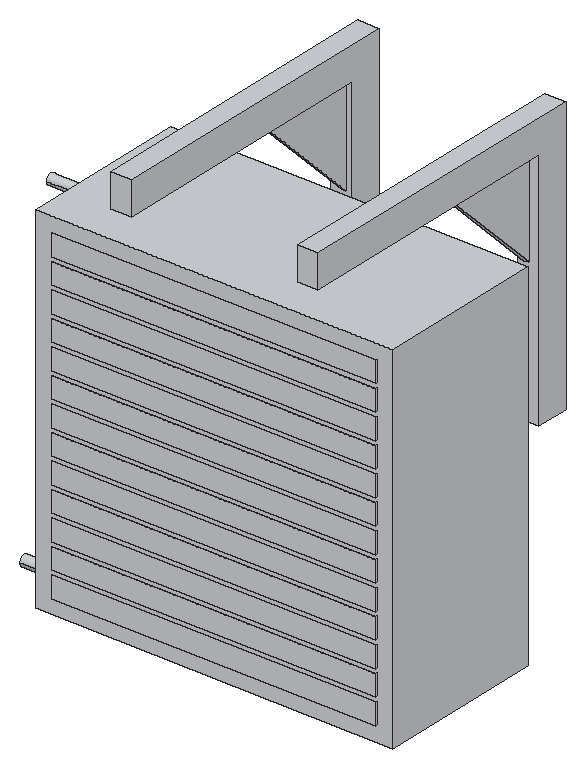
Revit family "Mark Tanner MDA verwarmer wandmontage", category Mechanical Equipment, Revit 2017
Family settings
  Round Connector Dimension = Use Diameter
  Part Type = Normal
  OmniClass Number = 23.75.00.00
  OmniClass Title = Climate Control (HVAC)
  Work Plane-Based = No
  Always vertical = Yes
  Cut with Voids When Loaded = No
  Shared = No
  Room Calculation Point = No
Parameters
  voltage = 0 V
  vermogen = 0 W
  schijnbaar_vermogen = voltage * nominale stroom  # 0 VA
  o2 [instance] = 333.225 mm
  o1 = 660 mm
  nominale stroom = 0 A
  lengte = l1  # 860 mm
  l3 = l1 + 100 mm  # 960 mm
  l2 = 450 mm
  l1 = h1  # 860 mm
  hoogte = h1  # 860 mm
  h1 = 860 mm
  gewicht = ""
  elektrisch_vermogen = 0 W
  debiet = 0.0 L/s
  con 1_RN = con 1_DN / 2  # 12.5 mm
  con 1_DN = 25 mm
  breedte = b1  # 405 mm
  b2 = b1 - 80 mm  # 325 mm
  b1 = 405 mm
  artikelnummer = ""
  aantal_polen = 1
  URL = "http://www.mark.nl/producten/"
  Type Comments = "MDA 121, 2 rijige wisselaar, 1 fase 230V fan, ,waterzijdige aansluiting 1"
  Model = "MDA 100"
  Manufacturer = "Mark"  # constant formula
Reference planes
  plane 1 "Center (Front/Back)": y = 0
  plane 2: z = 0
  plane 3 "Center (Left/Right)": x = 0
  plane 4: x = -430
  plane 5: x = 430
  plane 6: z = -145
  plane 7: y = -744
Dimensions and locks
  "l1": plane 4 to plane 5
  equal spacing: plane 4, plane 3 "Center (Left/Right)", plane 5
  aligned and locked: level to plane 2
  aligned and locked: plane 6 to nested 2
  aligned and locked: nested 2 to plane 7
  aligned and locked: plane 3 "Center (Left/Right)" to nested 1
Nested families
  nested 1: "Wand console" at (0, 0, 0), b1 <- "b2", l1 <- "l2", type "Wand console"
    with l1 450 mm, b1 325 mm
  nested 2: "Verwarmer" at (0, -541.5, -145), b1 <- "b1", h1 <- "h1", l1 <- "l1", r1 <- "con 1_RN", type "MDA 100"
    with r1 12.5 mm, l1 860 mm, h1 860 mm, b1 405 mm, b 780 mm, aantal 13, a 790 mm
Connectors
  electrical at (0, -541.5, -145), driven by "aantal_polen", driven by "voltage", driven by "schijnbaar_vermogen"
    settings: on nested 2, index 1, voltage 0 V, apparent load 0 VA, apparent load phase1 0 VA, apparent load phase2 0 VA, apparent load phase3 0 VA, power factor 1, load classification "Other", number of poles 1, system type 31, power factor state 1, is connector primary yes, connector utility no, sub classification motor no, connector description ""
  piping at (-522, -584, -181), diameter 25, driven by "con 1_DN"
    settings: on nested 2, index 2, connector inside diameter 609.6 mm, connector length 0 mm, flow factor 0, pipe flow 0.0 L/s, pressure drop 0.0 Pa, fitting loss kfactor 0, connector angle 0.00°, fixture units 0, engagement length 0 mm, angle of deflection 0.00°, flow configuration 0, flow direction 2, fitting loss method 0, system type 8, joint type 0, gender type 0, connector reference index -1, connector utility 0, adjustable connector no, is connector primary yes, connector description "retour"
  piping at (-522, -664, -969), diameter 25, driven by "con 1_DN"
    settings: on nested 2, index 3, connector inside diameter 609.6 mm, connector length 0 mm, flow factor 0, pipe flow 0.0 L/s, pressure drop 0.0 Pa, fitting loss kfactor 0, connector angle 0.00°, fixture units 0, engagement length 0 mm, angle of deflection 0.00°, flow configuration 0, flow direction 1, fitting loss method 0, system type 7, joint type 0, gender type 0, connector reference index -1, connector utility 0, adjustable connector no, is connector primary no, connector description ""
Definition of nested family "Wand console"
  Parameters (values of type "Wand console")
    l1 [instance] = 500 mm
    b1 [instance] = 300 mm
    artikelnummer = "5064051"  # constant formula
    URL = "http://www.mark.nl/producten/"
    Manufacturer = "Mark"  # constant formula
    Description = "plafond console"  # constant formula
  Reference planes
    plane 1 "Center (Front/Back)": y = 0
    plane 2: z = 0
    plane 3 "Center (Left/Right)": x = 0
    plane 4: x = -250
    plane 5: x = 250
  Forms (mm)
    Sweep 1, solid
      path origin (-250, 370.38, 1200) x (0, 1, 0) y (0, 0, 1)
        loop
          line (-1114.38, -1200) -> (-370.38, -1200) -> (-370.38, -1864)
      profile origin (-250, 0, -332) x (1, 0, 0) y (0, 1, 0)
        loop
          line (25, 0) -> (-25, 0) -> (-25, -80) -> (25, -80) -> (25, 0)
    Sweep 2, solid
      path origin (250, -539.048, 1120) x (0, -1, 0) y (0, 0, 1)
        loop
          line (204.952, -1200) -> (-459.048, -1200) -> (-459.048, -1784)
      profile origin (250, -80, -372) x (-1, 0, 0) y (0, -1, 0)
        loop
          line (25, 0) -> (-25, 0) -> (-25, -80) -> (25, -80) -> (25, 0)
    Extrusion 3, solid
      sketch origin (-250, 370.38, 1200) x (0, 1, 0) y (0, 0, 1)
        loop
          line (-690.38, -1280) -> (-450.38, -1520) -> (-450.38, -1280) -> (-690.38, -1280)
      from 0 to 11
    Extrusion 4, solid
      sketch origin (250, -459.048, 1200) x (0, -1, 0) y (0, 0, 1)
        loop
          line (-379.048, -1280) -> (-379.048, -1520) -> (-139.048, -1280) -> (-379.048, -1280)
      from 0 to 11
  Dimensions and locks
    equal spacing: plane 4, plane 3 "Center (Left/Right)", plane 5
    "l1": plane 4 to plane 5
    equal spacing: Sweep 1 sketch curve, profile plane, Sweep 1 sketch curve
    equal spacing: Sweep 2 sketch curve, profile plane, Sweep 2 sketch curve
    locked: Sweep 2 sketch curve to Sweep 2 sketch curve at 50
    locked: Sweep 1 sketch curve to Sweep 1 sketch curve at 50
    aligned and locked: level to plane 2
    aligned and locked: Sweep 2 to plane 1 "Center (Front/Back)"
  Automatic sketch dimensions
    Sweep 1 sketch curve to level = 0 mm
    Sweep 1 sketch curve to plane 1 "Center (Front/Back)" = 0 mm
    plane 1 "Center (Front/Back)" to Sweep 1 sketch curve = 744 mm
    Sweep 1 sketch curve to level = 664 mm
    profile plane to Sweep 1 sketch curve = 0 mm
    Sweep 1 sketch curve to Sweep 1 sketch curve = 80 mm
    profile plane to Sweep 2 sketch curve = 0 mm
    Sweep 2 sketch curve to Sweep 2 sketch curve = 80 mm
    plane 1 "Center (Front/Back)" to Sweep 2 sketch curve = 80 mm
    Sweep 2 sketch curve to level = 80 mm
    Sweep 2 sketch curve to Sweep 2 sketch curve = 664 mm
    Sweep 2 sketch curve to Sweep 2 sketch curve = 584 mm
    plane 1 "Center (Front/Back)" to Extrusion 3 sketch curve = 80 mm
    Extrusion 3 sketch curve to level = 320 mm
    Extrusion 3 sketch curve to level = 80 mm
    Extrusion 3 sketch curve to Extrusion 3 sketch curve = 240 mm
    Extrusion 4 sketch curve to level = 80 mm
    plane 1 "Center (Front/Back)" to Extrusion 4 sketch curve = 320 mm
    plane 1 "Center (Front/Back)" to Extrusion 4 sketch curve = 80 mm
    Extrusion 4 sketch curve to Extrusion 4 sketch curve = 240 mm
Definition of nested family "Verwarmer"
  Parameters (values of type "MDA 100")
    r1 [instance] = 12.5 mm
    l1 [instance] = 860 mm
    h1 [instance] = 860 mm
    b1 [instance] = 405 mm
    b [instance] = l1 - 80 mm  # 780 mm
    aantal [instance] = a / 60 mm  # 13
    a [instance] = h1 - 70 mm  # 790 mm
    Default Elevation = 1219.2 mm
  Reference planes
    plane 1 "Center (Front/Back)": y = 0
    plane 2: z = 0
    plane 3 "Center (Left/Right)": x = 0
    plane 4: x = -430
    plane 5: x = 430
    plane 6: x = -390
    plane 7: x = 390
    plane 8: y = 202.5
    plane 9: y = -202.5
    plane 10: y = -42.5
    plane 11: y = -122.5
    plane 12: z = -860
    plane 13: z = -36
    plane 14: z = -824
    plane 15: z = -430
  Forms (mm)
    Extrusion 1, solid
      sketch origin (0, 0, 0) x (1, 0, 0) y (0, 1, 0)
        loop
          line (-430, 202.5) -> (-430, -202.5) -> (430, -202.5) -> (430, 202.5) -> (-430, 202.5)
      from 0 to -860
    Sweep 2, solid
      path origin (1317.187, -1524, -36) x (0, -1, 0) y (1, 0, 0)
        loop
          line (-1401.5, -1747.187) -> (-1401.5, -1839.187)
      profile origin (-476, -122.5, -36) x (0, -1, 0) y (0, 0, 1)
        loop
          circle (0, -788) r 12.5
    Sweep 3, solid
      path origin (0, 0, 0) x (1, 0, 0) y (0, 1, 0)
        loop
          line (-522, -30) -> (-430, -30)
      profile origin (-476, -30, 0) x (0, 1, 0) y (0, 0, 1)
        loop
          circle (-12.5, -36) r 12.5
  Dimensions and locks
    equal spacing: plane 4, plane 3 "Center (Left/Right)", plane 5
    "l1": plane 4 to plane 5
    equal spacing: plane 6, plane 3 "Center (Left/Right)", plane 7
    "b1": plane 8 to plane 9
    equal spacing: plane 8, plane 1 "Center (Front/Back)", plane 9
    locked: plane 9 to plane 11 at 80
    locked: plane 10 to plane 9 at 160
    equal spacing: plane 2, plane 15, plane 12
    "h1": plane 2 to plane 12
    locked: plane 14 to plane 12 at 36
    locked: plane 2 to plane 13 at 36
    plane 13 to plane 14 = 788 mm
    equal spacing: plane 7, plane 3 "Center (Left/Right)", plane 6
    "b": plane 6 to plane 7
    equal spacing: group 1, group 3, group 4, group 5, group 6, group 7, group 8, group 9, group 10, group 11, group 12, group 13, group 2  (x2)
    equal spacing: group 2, group 13, group 12, group 11, group 10, group 9, group 8, group 7, group 6, group 5, group 4, group 3, group 1
    "r1": radius of Sweep 2 sketch curve
    "r1": radius of Sweep 3 sketch curve
    aligned and locked: level to plane 2
    aligned and locked: Extrusion 1 sketch curve to plane 8
    aligned and locked: plane 4 to Extrusion 1 sketch curve
    aligned and locked: plane 5 to Extrusion 1 sketch curve
    aligned and locked: plane 9 to Extrusion 1 sketch curve
    aligned and locked: Extrusion 1 to plane 12
    aligned and locked: plane 4 to Sweep 2 sketch curve
    aligned and locked: Sweep 2 sketch curve to plane 11  (x2)
    aligned and locked: plane 14 to Sweep 2 sketch curve
    aligned and locked: plane 4 to Sweep 3 sketch curve
    aligned and locked: plane 13 to Sweep 3 sketch curve
    aligned and locked: plane 10 to Sweep 3 sketch curve
    aligned and locked: plane 3 "Center (Left/Right)" to nested 1
    aligned and locked: nested 1 to plane 9
    aligned and locked: nested 2 to plane 14
    aligned and locked: nested 2 to plane 9
  Automatic sketch dimensions
    Sweep 2 sketch curve to Sweep 2 sketch curve = 92 mm
    Sweep 3 sketch curve to plane 4 = 92 mm
    plane 1 "Center (Front/Back)" to Sweep 3 sketch curve = 30 mm
  Nested families
    nested 1: "Family5" at (0, -202.5, -36), a <- "b", type "Family5"
      with a 780 mm
    nested 2: "Family5" at (0, -202.5, -774), a <- "b", type "Family5"
      with a 780 mm
    nested 3: "Family5" at (0, -202.5, -97.5), a <- "b", type "Family5"
      with a 780 mm
    nested 4: "Family5" at (0, -202.5, -159), a <- "b", type "Family5"
      with a 780 mm
    nested 5: "Family5" at (0, -202.5, -220.5), a <- "b", type "Family5"
      with a 780 mm
    nested 6: "Family5" at (0, -202.5, -282), a <- "b", type "Family5"
      with a 780 mm
    nested 7: "Family5" at (0, -202.5, -343.5), a <- "b", type "Family5"
      with a 780 mm
    nested 8: "Family5" at (0, -202.5, -405), a <- "b", type "Family5"
      with a 780 mm
    nested 9: "Family5" at (0, -202.5, -466.5), a <- "b", type "Family5"
      with a 780 mm
    nested 10: "Family5" at (0, -202.5, -528), a <- "b", type "Family5"
      with a 780 mm
    nested 11: "Family5" at (0, -202.5, -589.5), a <- "b", type "Family5"
      with a 780 mm
    nested 12: "Family5" at (0, -202.5, -651), a <- "b", type "Family5"
      with a 780 mm
    nested 13: "Family5" at (0, -202.5, -712.5), a <- "b", type "Family5"
      with a 780 mm
  Definition of nested family "Family5"
    Parameters (values of type "Family5")
      a [instance] = 752.12 mm
    Reference planes
      plane 1 "Center (Front/Back)": y = 0
      plane 2: z = 0
      plane 3 "Center (Left/Right)": x = 0
    Forms (mm)
      Extrusion 1, solid
        sketch origin (0, 0, 0) x (1, 0, 0) y (0, 1, 0)
          loop
            line (-376.06, 1.5) -> (-376.06, -1.5) -> (376.06, -1.5) -> (376.06, 1.5) -> (-376.06, 1.5)
        from -50 to 0
    Dimensions and locks
      equal spacing: Extrusion 1 sketch curve, plane 3 "Center (Left/Right)", Extrusion 1 sketch curve
      "a": Extrusion 1 sketch curve to Extrusion 1 sketch curve
      aligned and locked: level to plane 2
    Automatic sketch dimensions
      plane 1 "Center (Front/Back)" to Extrusion 1 sketch curve = 1.5 mm
      Extrusion 1 sketch curve to plane 1 "Center (Front/Back)" = 1.5 mm
Types in the file's own list only (42): name | voltage | vermogen | schijnbaar_vermogen | nominale stroom | lengte | l3 | l2 | l1 | hoogte | h1 | gewicht | elektrisch_vermogen | debiet | con 1_RN | con 1_DN | breedte | b2 | b1 | artikelnummer | aantal_polen | URL | Type Comments | Model
  Tanner MDA 121L | 230 V | 14500 W | 108 VA | 0 A | 450 mm | 550 mm | 387 mm | 450 mm | 450 mm | 450 mm | "22" | 90 W | 1595.0 L/s | 13 mm | 25 mm | 380 mm | 300 mm | 380 mm | "MDA 121L" | 1 | "http://www.mark.nl/luchtverwarming/watergevoed/tanner-mda/" | "MDA 121 ( 2 rijige wisselaar 1 fase 230 V fan waterzijdige aansluiting 1  laag toerental )" | "MDA 100"
  Tanner MDA 131L | 230 V | 17000 W | 108 VA | 0 A | 450 mm | 550 mm | 387 mm | 450 mm | 450 mm | 450 mm | "23" | 90 W | 1446.0 L/s | 13 mm | 25 mm | 380 mm | 300 mm | 380 mm | "MDA 131L" | 1 | "http://www.mark.nl/luchtverwarming/watergevoed/tanner-mda/" | "MDA 131 ( 3 rijige wisselaar  1 fase 230 V fan waterzijdige aansluiting 1 laag toerental)" | "MDA 100"
  Tanner MDA 141L | 230 V | 19000 W | 108 VA | 0 A | 450 mm | 550 mm | 387 mm | 450 mm | 450 mm | 450 mm | "24" | 90 W | 1265.0 L/s | 13 mm | 25 mm | 380 mm | 300 mm | 380 mm | "MDA 141L" | 1 | "http://www.mark.nl/luchtverwarming/watergevoed/tanner-mda/" | "MDA 131 ( 4 rijige wisselaar  1 fase 230 V fan waterzijdige aansluiting 1 laag toerental)" | "MDA 100"
  Tanner MDA 211L | 230 V | 14100 W | 117 VA | 1 A | 580 mm | 680 mm | 517 mm | 580 mm | 580 mm | 580 mm | "30" | 120 W | 2805.0 L/s | 13 mm | 25 mm | 385 mm | 305 mm | 385 mm | "MDA 211L" | 1 | "http://www.mark.nl/luchtverwarming/watergevoed/tanner-mda/" | "MDA 211 ( 1 rijige wisselaar  1 fase 230 V fanwaterzijdige aansluiting 1 laag toerental)" | "MDA 200"
  Tanner MDA 221L | 230 V | 25100 W | 117 VA | 1 A | 580 mm | 680 mm | 517 mm | 580 mm | 580 mm | 580 mm | "32" | 120 W | 2656.0 L/s | 13 mm | 25 mm | 385 mm | 305 mm | 385 mm | "MDA 221L" | 1 | "http://www.mark.nl/luchtverwarming/watergevoed/tanner-mda/" | "MDA 221 ( 2 rijige wisselaar  1 fase 230 V fan waterzijdige aansluiting 1 laag toerental)" | "MDA 200"
  Tanner MDA 231L | 230 V | 30800 W | 117 VA | 1 A | 580 mm | 680 mm | 517 mm | 580 mm | 580 mm | 580 mm | "34" | 120 W | 2381.0 L/s | 13 mm | 25 mm | 385 mm | 305 mm | 385 mm | "MDA 231L" | 1 | "http://www.mark.nl/luchtverwarming/watergevoed/tanner-mda/" | "MDA 231 ( 3 rijige wisselaar  1 fase 230 V fan waterzijdige aansluiting 1 laag toerental)" | "MDA 200"
  Tanner MDA 241L | 230 V | 33300 W | 117 VA | 1 A | 580 mm | 680 mm | 517 mm | 580 mm | 580 mm | 580 mm | "36" | 120 W | 2230.0 L/s | 13 mm | 25 mm | 385 mm | 305 mm | 385 mm | "MDA 241L" | 1 | "http://www.mark.nl/luchtverwarming/watergevoed/tanner-mda/" | "MDA 241 ( 4 rijige wisselaar  1 fase 230 V fan waterzijdige aansluiting 1 laag toerental)" | "MDA 200"
  Tanner MDA 321L | 230 V | 52700 W | 391 VA | 2 A | 730 mm | 830 mm | 667 mm | 730 mm | 730 mm | 730 mm | "43" | 330 W | 6495.0 L/s | 13 mm | 25 mm | 385 mm | 305 mm | 385 mm | "MDA 321L" | 1 | "http://www.mark.nl/luchtverwarming/watergevoed/tanner-mda/" | "MDA 321 ( 2 rijige wisselaar  1 fase 230 V fan waterzijdige aansluiting 1 laag toerental)" | "MDA 300"
  Tanner MDA 331L | 230 V | 65900 W | 391 VA | 2 A | 730 mm | 830 mm | 667 mm | 730 mm | 730 mm | 730 mm | "46" | 330 W | 5857.0 L/s | 16 mm | 32 mm | 385 mm | 305 mm | 385 mm | "MDA 331L" | 1 | "http://www.mark.nl/luchtverwarming/watergevoed/tanner-mda/" | "MDA 331 ( 3 rijige wisselaar  1 fase 230 V fan waterzijdige aansluiting 11/4 laag toerental)" | "MDA 300"
  Tanner MDA 341L | 230 V | 72100 W | 391 VA | 2 A | 730 mm | 830 mm | 667 mm | 730 mm | 730 mm | 730 mm | "49" | 330 W | 5423.0 L/s | 16 mm | 32 mm | 385 mm | 305 mm | 385 mm | "MDA 341L" | 1 | "http://www.mark.nl/luchtverwarming/watergevoed/tanner-mda/" | "MDA 341 ( 4 rijige wisselaar  1 fase 230 V fan waterzijdige aansluiting 11/4 laag toerental)" | "MDA 300"
  Tanner MDA 411L | 230 V | 42500 W | 598 VA | 3 A | 860 mm | 960 mm | 667 mm | 860 mm | 860 mm | 860 mm | "51" | 550 W | 10320.0 L/s | 16 mm | 32 mm | 405 mm | 325 mm | 405 mm | "MDA 411L" | 1 | "http://www.mark.nl/luchtverwarming/watergevoed/tanner-mda/" | "MDA 411 ( 1 rijige wisselaar  1 fase 230 V fanwaterzijdige aansluiting 11/4 laag toerental)" | "MDA 400"
  Tanner MDA 421L | 230 V | 80000 W | 598 VA | 3 A | 860 mm | 960 mm | 667 mm | 860 mm | 860 mm | 860 mm | "55" | 550 W | 9933.0 L/s | 16 mm | 32 mm | 405 mm | 325 mm | 405 mm | "MDA 421L" | 1 | "http://www.mark.nl/luchtverwarming/watergevoed/tanner-mda/" | "MDA 421 ( 2 rijige wisselaar  1 fase 230 V fanwaterzijdige aansluiting 11/4 laag toerental)" | "MDA 400"
  Tanner MDA 431L | 230 V | 101000 W | 598 VA | 3 A | 860 mm | 960 mm | 667 mm | 860 mm | 860 mm | 860 mm | "59" | 550 W | 8816.0 L/s | 20 mm | 40 mm | 405 mm | 325 mm | 405 mm | "MDA 431L" | 1 | "http://www.mark.nl/luchtverwarming/watergevoed/tanner-mda/" | "MDA 431 ( 3 rijige wisselaar  1 fase 230 V fanwaterzijdige aansluiting 11/2 laag toerental)" | "MDA 400"
  Tanner MDA 441L | 230 V | 110000 W | 598 VA | 3 A | 860 mm | 960 mm | 667 mm | 860 mm | 860 mm | 860 mm | "63" | 550 W | 8217.0 L/s | 20 mm | 40 mm | 405 mm | 325 mm | 405 mm | "MDA 441L" | 1 | "http://www.mark.nl/luchtverwarming/watergevoed/tanner-mda/" | "MDA 441 ( 4 rijige wisselaar  1 fase 230 V fanwaterzijdige aansluiting 11/2 laag toerental)" | "MDA 400"
  Tanner MDA 121H | 230 V | 18000 W | 154 VA | 1 A | 450 mm | 550 mm | 387 mm | 450 mm | 450 mm | 450 mm | "22" | 150 W | 2365.0 L/s | 13 mm | 25 mm | 380 mm | 300 mm | 380 mm | "MDA 121H" | 1 | "http://www.mark.nl/luchtverwarming/watergevoed/tanner-mda/" | "MDA 121 ( 2 rijige wisselaar  1 fase 230 V fan waterzijdige aansluiting 1 hoog toerental)" | "MDA 100"
  Tanner MDA 131H | 230 V | 22100 W | 154 VA | 1 A | 450 mm | 550 mm | 387 mm | 450 mm | 450 mm | 450 mm | "23" | 150 W | 2244.0 L/s | 13 mm | 25 mm | 380 mm | 300 mm | 380 mm | "MDA 131H" | 1 | "http://www.mark.nl/luchtverwarming/watergevoed/tanner-mda/" | "MDA 131 ( 3 rijige wisselaar  1 fase 230 V fan waterzijdige aansluiting 1 hoog toerental)" | "MDA 100"
  Tanner MDA 141H | 230 V | 25100 W | 154 VA | 1 A | 450 mm | 550 mm | 387 mm | 450 mm | 450 mm | 450 mm | "24" | 150 W | 1914.0 L/s | 13 mm | 25 mm | 380 mm | 300 mm | 380 mm | "MDA 141H" | 1 | "http://www.mark.nl/luchtverwarming/watergevoed/tanner-mda/" | "MDA 131 ( 4 rijige wisselaar  1 fase 230 V fan waterzijdige aansluiting 1 hoog toerental)" | "MDA 100"
  Tanner MDA 211H | 230 V | 17200 W | 311 VA | 1 A | 580 mm | 680 mm | 517 mm | 580 mm | 580 mm | 580 mm | "30" | 280 W | 4450.0 L/s | 13 mm | 25 mm | 385 mm | 305 mm | 385 mm | "MDA 211H" | 1 | "http://www.mark.nl/luchtverwarming/watergevoed/tanner-mda/" | "MDA 211 ( 1 rijige wisselaar  1 fase 230 V fan waterzijdige aansluiting 1 hoog toerental)" | "MDA 200"
  Tanner MDA 221H | 230 V | 32400 W | 311 VA | 1 A | 580 mm | 680 mm | 517 mm | 580 mm | 580 mm | 580 mm | "32" | 280 W | 4202.0 L/s | 13 mm | 25 mm | 385 mm | 305 mm | 385 mm | "MDA 221H" | 1 | "http://www.mark.nl/luchtverwarming/watergevoed/tanner-mda/" | "MDA 221 ( 2 rijige wisselaar  1 fase 230 V fan waterzijdige aansluiting 1 hoog toerental)" | "MDA 200"
  Tanner MDA 231H | 230 V | 42000 W | 311 VA | 1 A | 580 mm | 680 mm | 517 mm | 580 mm | 580 mm | 580 mm | "34" | 280 W | 3932.0 L/s | 13 mm | 25 mm | 385 mm | 305 mm | 385 mm | "MDA 231H" | 1 | "http://www.mark.nl/luchtverwarming/watergevoed/tanner-mda/" | "MDA 231 ( 3 rijige wisselaar  1 fase 230 V fan waterzijdige aansluiting 1 hoog toerental)" | "MDA 200"
  Tanner MDA 241H | 230 V | 46600 W | 311 VA | 1 A | 580 mm | 680 mm | 517 mm | 580 mm | 580 mm | 580 mm | "34" | 280 W | 3734.0 L/s | 13 mm | 25 mm | 385 mm | 305 mm | 385 mm | "MDA 241H" | 1 | "http://www.mark.nl/luchtverwarming/watergevoed/tanner-mda/" | "MDA 241 ( 4 rijige wisselaar  1 fase 230 V fan waterzijdige aansluiting 1 hoog toerental)" | "MDA 200"
  Tanner MDA 123L | 400 V | 14500 W | 40 VA | 0 A | 450 mm | 550 mm | 387 mm | 450 mm | 450 mm | 450 mm | "22" | 50 W | 1595.0 L/s | 13 mm | 25 mm | 380 mm | 300 mm | 380 mm | "MDA 123L" | 3 | "http://www.mark.nl/luchtverwarming/watergevoed/tanner-mda/" | "MDA 123 ( 2 rijige wisselaar  3 fase 400 V fan waterzijdige aansluiting 1 laag toerental)" | "MDA 100"
  Tanner MDA 133L | 400 V | 17000 W | 40 VA | 0 A | 450 mm | 550 mm | 387 mm | 450 mm | 450 mm | 450 mm | "23" | 50 W | 1446.0 L/s | 13 mm | 25 mm | 380 mm | 300 mm | 380 mm | "MDA 133L" | 3 | "http://www.mark.nl/luchtverwarming/watergevoed/tanner-mda/" | "MDA 133 ( 3 rijige wisselaar  3 fase 400 V fan waterzijdige aansluiting 1 laag toerental)" | "MDA 100"
  Tanner MDA 143L | 400 V | 19000 W | 40 VA | 0 A | 450 mm | 550 mm | 387 mm | 450 mm | 450 mm | 450 mm | "24" | 50 W | 1265.0 L/s | 13 mm | 25 mm | 380 mm | 300 mm | 380 mm | "MDA 143L" | 3 | "http://www.mark.nl/luchtverwarming/watergevoed/tanner-mda/" | "MDA 133 ( 4 rijige wisselaar  3 fase 400 V fan waterzijdige aansluiting 1 laag toerental)" | "MDA 100"
  Tanner MDA 213L | 400 V | 14800 W | 120 VA | 0 A | 580 mm | 680 mm | 517 mm | 580 mm | 580 mm | 580 mm | "30" | 120 W | 3050.0 L/s | 13 mm | 25 mm | 385 mm | 305 mm | 385 mm | "MDA 213L" | 3 | "http://www.mark.nl/luchtverwarming/watergevoed/tanner-mda/" | "MDA 213 ( 1 rijige wisselaar  3 fase 400 V fan waterzijdige aansluiting 1 laag toerental)" | "MDA 200"
  Tanner MDA 223L | 400 V | 26200 W | 120 VA | 0 A | 580 mm | 680 mm | 517 mm | 580 mm | 580 mm | 580 mm | "32" | 120 W | 2865.0 L/s | 13 mm | 25 mm | 385 mm | 305 mm | 385 mm | "MDA 223L" | 3 | "http://www.mark.nl/luchtverwarming/watergevoed/tanner-mda/" | "MDA 223 ( 2 rijige wisselaar  3 fase 400 V fan waterzijdige aansluiting 1 laag toerental)" | "MDA 200"
  Tanner MDA 233L | 400 V | 32400 W | 120 VA | 0 A | 580 mm | 680 mm | 517 mm | 580 mm | 580 mm | 580 mm | "34" | 120 W | 2574.0 L/s | 13 mm | 25 mm | 385 mm | 305 mm | 385 mm | "MDA 233L" | 3 | "http://www.mark.nl/luchtverwarming/watergevoed/tanner-mda/" | "MDA 233 ( 3 rijige wisselaar  3 fase 400 V fan waterzijdige aansluiting 1 laag toerental)" | "MDA 200"
  Tanner MDA 243L | 400 V | 35100 W | 120 VA | 0 A | 580 mm | 680 mm | 517 mm | 580 mm | 580 mm | 580 mm | "36" | 120 W | 2414.0 L/s | 13 mm | 25 mm | 385 mm | 305 mm | 385 mm | "MDA 243L" | 3 | "http://www.mark.nl/luchtverwarming/watergevoed/tanner-mda/" | "MDA 243 ( 4 rijige wisselaar  3 fase 400 V fan waterzijdige aansluiting 1 laag toerental)" | "MDA 200"
  Tanner MDA 323L | 400 V | 52700 W | 272 VA | 1 A | 730 mm | 830 mm | 667 mm | 730 mm | 730 mm | 730 mm | "43" | 280 W | 6495.0 L/s | 13 mm | 25 mm | 385 mm | 305 mm | 385 mm | "MDA 323L" | 3 | "http://www.mark.nl/luchtverwarming/watergevoed/tanner-mda/" | "MDA 323 ( 2 rijige wisselaar  3 fase 400 V fan  waterzijdige aansluiting 1 laag toerental)" | "MDA 300"
  Tanner MDA 333L | 400 V | 65900 W | 272 VA | 1 A | 730 mm | 830 mm | 667 mm | 730 mm | 730 mm | 730 mm | "46" | 280 W | 5857.0 L/s | 16 mm | 32 mm | 385 mm | 305 mm | 385 mm | "MDA 333L" | 3 | "http://www.mark.nl/luchtverwarming/watergevoed/tanner-mda/" | "MDA 333 ( 3 rijige wisselaar  3 fase 400 V fan  waterzijdige aansluiting 11/4 laag toerental)" | "MDA 300"
  Tanner MDA 343L | 400 V | 72100 W | 272 VA | 1 A | 730 mm | 830 mm | 667 mm | 730 mm | 730 mm | 730 mm | "46" | 280 W | 5423.0 L/s | 16 mm | 32 mm | 385 mm | 305 mm | 385 mm | "MDA 343L" | 3 | "http://www.mark.nl/luchtverwarming/watergevoed/tanner-mda/" | "MDA 343 ( 4 rijige wisselaar  3 fase 400 V fan  waterzijdige aansluiting 11/4 laag toerental)" | "MDA 300"
  Tanner MDA 413L | 400 V | 45200 W | 620 VA | 2 A | 860 mm | 960 mm | 667 mm | 860 mm | 860 mm | 860 mm | "52" | 510 W | 11600.0 L/s | 16 mm | 32 mm | 405 mm | 325 mm | 405 mm | "MDA 413L" | 3 | "http://www.mark.nl/luchtverwarming/watergevoed/tanner-mda/" | "MDA 413 ( 1 rijige wisselaar  3 fase 400 V fan  waterzijdige aansluiting 11/4 laag toerental)" | "MDA 400"
  Tanner MDA 423L | 400 V | 84000 W | 400 VA | 1 A | 860 mm | 960 mm | 667 mm | 860 mm | 860 mm | 860 mm | "52" | 510 W | 10868.0 L/s | 16 mm | 32 mm | 405 mm | 325 mm | 405 mm | "MDA 423L" | 3 | "http://www.mark.nl/luchtverwarming/watergevoed/tanner-mda/" | "MDA 423 ( 2 rijige wisselaar  3 fase 400 V fan  waterzijdige aansluiting 11/4 laag toerental)" | "MDA 400"
  Tanner MDA 433L | 400 V | 107000 W | 400 VA | 1 A | 860 mm | 960 mm | 667 mm | 860 mm | 860 mm | 860 mm | "61" | 510 W | 9735.0 L/s | 20 mm | 40 mm | 405 mm | 325 mm | 405 mm | "MDA 433L" | 3 | "http://www.mark.nl/luchtverwarming/watergevoed/tanner-mda/" | "MDA 433 ( 3 rijige wisselaar  3 fase 400 V fan  waterzijdige aansluiting 11/2 laag toerental)" | "MDA 400"
  Tanner MDA 443L | 400 V | 117000 W | 400 VA | 1 A | 860 mm | 960 mm | 667 mm | 860 mm | 860 mm | 860 mm | "64" | 510 W | 9064.0 L/s | 20 mm | 40 mm | 405 mm | 325 mm | 405 mm | "MDA 443L" | 3 | "http://www.mark.nl/luchtverwarming/watergevoed/tanner-mda/" | "MDA 443 ( 4 rijige wisselaar  3 fase 400 V fan  waterzijdige aansluiting 11/2 laag toerental)" | "MDA 400"
  Tanner MDA 123H | 230 V | 18000 W | 58 VA | 0 A | 450 mm | 550 mm | 387 mm | 450 mm | 450 mm | 450 mm | "22" | 150 W | 2365.0 L/s | 13 mm | 25 mm | 380 mm | 300 mm | 380 mm | "MDA 123H" | 1 | "http://www.mark.nl/luchtverwarming/watergevoed/tanner-mda/" | "MDA 123 ( 2 rijige wisselaar  3 fase 400 V fan waterzijdige aansluiting 1 hoog toerental)" | "MDA 100"
  Tanner MDA 133H | 230 V | 22100 W | 58 VA | 0 A | 450 mm | 550 mm | 387 mm | 450 mm | 450 mm | 450 mm | "23" | 150 W | 2244.0 L/s | 13 mm | 25 mm | 380 mm | 300 mm | 380 mm | "MDA 133H" | 1 | "http://www.mark.nl/luchtverwarming/watergevoed/tanner-mda/" | "MDA 133 ( 3 rijige wisselaar  3 fase 400 V fan waterzijdige aansluiting 1 hoog toerental)" | "MDA 100"
  Tanner MDA 143H | 230 V | 25100 W | 58 VA | 0 A | 450 mm | 550 mm | 387 mm | 450 mm | 450 mm | 450 mm | "24" | 150 W | 1914.0 L/s | 13 mm | 25 mm | 380 mm | 300 mm | 380 mm | "MDA 143H" | 1 | "http://www.mark.nl/luchtverwarming/watergevoed/tanner-mda/" | "MDA 133 ( 4 rijige wisselaar  3 fase 400 V fan waterzijdige aansluiting 1 hoog toerental)" | "MDA 100"
  Tanner MDA 213H | 230 V | 17200 W | 154 VA | 1 A | 580 mm | 680 mm | 517 mm | 580 mm | 580 mm | 580 mm | "30" | 280 W | 4450.0 L/s | 13 mm | 25 mm | 385 mm | 305 mm | 385 mm | "MDA 213H" | 1 | "http://www.mark.nl/luchtverwarming/watergevoed/tanner-mda/" | "MDA 213 ( 1 rijige wisselaar  3 fase 400 V fan waterzijdige aansluiting 1 hoog toerental)" | "MDA 200"
  Tanner MDA 223H | 230 V | 32400 W | 154 VA | 1 A | 580 mm | 680 mm | 517 mm | 580 mm | 580 mm | 580 mm | "32" | 280 W | 4202.0 L/s | 13 mm | 25 mm | 385 mm | 305 mm | 385 mm | "MDA 223H" | 1 | "http://www.mark.nl/luchtverwarming/watergevoed/tanner-mda/" | "MDA 223 ( 2 rijige wisselaar  3 fase 400 V fan waterzijdige aansluiting 1 hoog toerental)" | "MDA 200"
  Tanner MDA 233H | 230 V | 42000 W | 154 VA | 1 A | 580 mm | 680 mm | 517 mm | 580 mm | 580 mm | 580 mm | "34" | 280 W | 3932.0 L/s | 13 mm | 25 mm | 385 mm | 305 mm | 385 mm | "MDA 233H" | 1 | "http://www.mark.nl/luchtverwarming/watergevoed/tanner-mda/" | "MDA 233 ( 3 rijige wisselaar  3 fase 400 V fan waterzijdige aansluiting 1 hoog toerental)" | "MDA 200"
  Tanner MDA 243H | 230 V | 46600 W | 154 VA | 1 A | 580 mm | 680 mm | 517 mm | 580 mm | 580 mm | 580 mm | "34" | 280 W | 3734.0 L/s | 13 mm | 25 mm | 385 mm | 305 mm | 385 mm | "MDA 243H" | 1 | "http://www.mark.nl/luchtverwarming/watergevoed/tanner-mda/" | "MDA 243 ( 4 rijige wisselaar  3 fase 400 V fan waterzijdige aansluiting 1 hoog toerental)" | "MDA 200"
